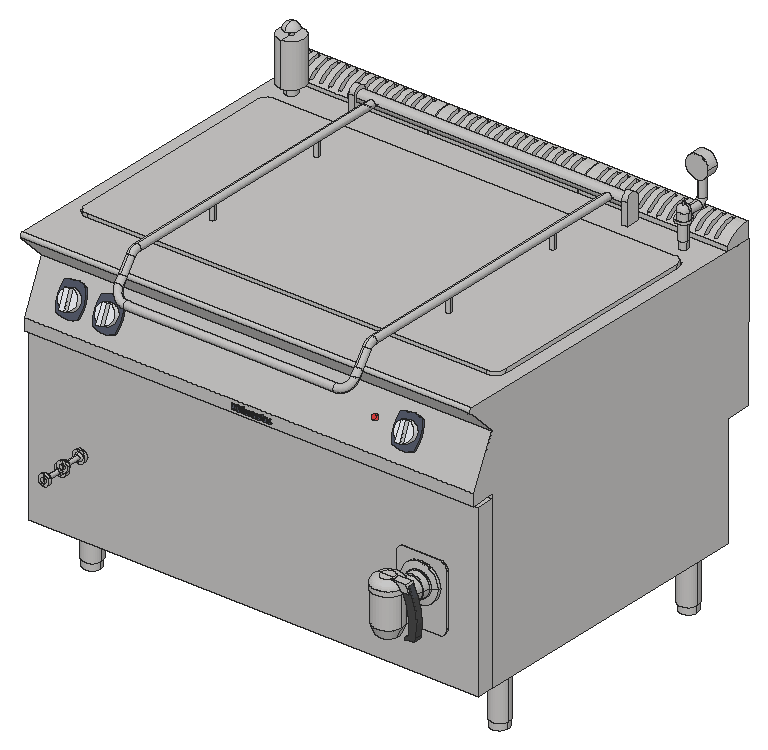
Revit family "QF_ELECTROLUXPROFESSIONAL_391123_E9BSELIUFE", category Specialty Equipment, Revit 2018
Family settings
  Round Connector Dimension = Use Diameter
  Part Type = Normal
  Work Plane-Based = No
  Always vertical = Yes
  Cut with Voids When Loaded = No
  Shared = No
  Room Calculation Point = No
Parameters
  Width = 1200.0 mm  # constant formula
  Weight in Pounds = 200  # constant formula
  Watts = 24000 VA  # 24000 W
  Waste Water Discharge Temperature [instance] = -459.67 °F
  Volts = 400 V  # constant formula
  URL Cutsheet = "www.electrolux.com"
  URL = "www.electrolux.com"
  Type Mark [instance] = ""
  Status [instance] = ""
  Specification by User [instance] = ""
  Specification by Manufacturer = ""
  Show Logo [instance] = yes
  Show Clearance [instance] = yes
  Serial Number = ""
  Seismic Rating = ""
  SMACNA No = ""
  Revision Code [instance] = ""
  Plumbing Remarks [instance] = ""
  Plumbing Connection Type [instance] = ""
  Phase = 3
  Omniclass Number and Title = ""
  Number of Poles [instance] = 1
  NAFEM Spec ID Number = ""
  Model = "391123"
  Min Ckt Ampacity = 0 A
  Max Overcurrent Protection = 0 A
  Masterspec = ""
  Manufacturer = "ELECTROLUX"
  Item Number [instance] = ""
  Installed By [instance] = ""
  Indirect Waste Size = 1"
  Indirect Waste Flow [instance] = 0 GPM
  Indirect Waste Connection Type [instance] = ""
  Indirect Waste Connection Height [instance] = 0.0 mm
  Identify Quantity as Lot [instance] = yes
  Hot Water Temperature [instance] = -459.67 °F
  Hot Water Size = 3/4"
  Hot Water RI Height [instance] = 0.0 mm
  Hot Water Minimum Pressure = 0.00 psi
  Hot Water Maximum Pressure = 0.00 psi
  Hot Water Flow [instance] = 0 GPM
  Hot Water Consumption = 0 GPM
  Hot Water Connection Height = 0.0 mm
  Height = 850.0 mm  # constant formula
  HP = "32.2 HP"
  Furnished By [instance] = ""
  Foodservice Equipment Identifier [instance] = yes
  FL Amps = if(Phase = 3, Watts / (Volts * 1.73), Watts / Volts)  # 34.6821 A
  Electrical Remarks [instance] = "400 V/3N ph/50/60 Hz"  # constant formula
  Electric Connection Type [instance] = ""
  Elec Conn RI Height [instance] = 0.0 mm
  Elec Conn Connection Height [instance] = 0.0 mm
  Direct Waste Size = 1/2"
  Description = "900XP ELECTRIC RECTANGULAR BOILING PAN 250LT - 400 V"
  Depth = 930.0 mm  # constant formula
  Cycle [instance] = if([60 Hertz Option], 60 Hz, 50 Hz)  # 60 Hz
  Conn Plug = ""
  Conn Conduit = yes
  Cold Water Temperature Recommended [instance] = -459.67 °F
  Cold Water Size = 3/4"
  Cold Water RI Height [instance] = 0.0 mm
  Cold Water Minimum Pressure = 0.00 psi
  Cold Water Maximum Pressure = 0.00 psi
  Cold Water Flow [instance] = 0 GPM
  Cold Water Consumption = ""
  Cold Water Connection Height = 0.0 mm
  CSI MasterFormat = ""
  CSI Master Format = ""
  Apparent Power = if(Phase = 3, Volts * FL Amps * 1.73, Volts * FL Amps)  # 24000 VA
  60 Hertz Option [instance] = not([50 Hertz Option])  # yes
  50 Hertz Option [instance] = no
Reference planes
  plane 1 "BACK": y = 0
  plane 2: z = 0
  plane 3 "LEFT": x = 0
  plane 4 "RIGHT": x = 1200
  plane 5 "FRONT": y = -930
  plane 6 "TOP": z = 850
  plane 7 "Center Y": x = 600
  plane 8 "Center X": y = -465
  plane 9: z = 1734.89
  plane 10: z = 150
  plane 11: y = -130
  plane 12: y = -760
  plane 13: y = -1015
  plane 14: x = 56
  plane 15: x = 1144
  plane 16: x = 1060
  plane 17: x = 100
  plane 18: x = 160
  plane 19: x = 140
Forms (mm)
  Extrusion 1, solid, material "QF_Finishes_Stainless Steel"
    sketch origin (0, 0, 576.213) x (0, 1, 0) y (0, 0, 1)
      loop
        line (0, -127.212) -> (0, 273.787) -> (-922.342, 273.787)
        arc (-922.342, 273.787) -> (-929.417, 269.06) -> (-927.757, 260.714) r 7.658
        line (-927.757, 260.714) -> (-857.613, 190.57) -> (-915.31, 65.214) -> (-915.31, 33.916) -> (-855.186, 38.612)
        arc (-855.186, 38.612) -> (-852.661, 37.864) -> (-851.569, 35.468) r 3.175
        line (-851.569, 35.468) -> (-851.569, -426.212) -> (-70, -426.212) -> (-70, -127.212) -> (0, -127.212)
      loop
        line (-900, 25.858) -> (-900, -426.212) -> (-854.744, -426.212) -> (-854.744, 25.858) -> (-900, 25.858)
    from 0 to 1200
  Revolve 2, solid, material "QF_Finishes_Stainless Steel"
    sketch origin (1, -130, 0) x (1, 0, 0) y (0, 0, 1)
      loop
        line (55, 0) -> (55, 150) -> (29.6, 150) -> (29.6, 19.05) -> (32.1, 19.05) -> (32.1, 0) -> (55, 0)
      axis (55, 0) -> (55, 150)
    angle from 0 to 360
  Revolve 3, solid, material "QF_Finishes_Stainless Steel"
    sketch origin (1, -760, 0) x (1, 0, 0) y (0, 0, 1)
      loop
        line (55, 0) -> (55, 150) -> (29.6, 150) -> (29.6, 19.05) -> (32.1, 19.05) -> (32.1, 0) -> (55, 0)
      axis (55, 0) -> (55, 150)
    angle from 0 to 360
  Revolve 4, solid, material "QF_Finishes_Stainless Steel"
    sketch origin (1199, -130, 0) x (-1, 0, 0) y (0, 0, -1)
      loop
        line (55, 0) -> (32.1, 0) -> (32.1, -19.05) -> (29.6, -19.05) -> (29.6, -150) -> (55, -150) -> (55, 0)
      axis (55, 0) -> (55, -150)
    angle from 0 to 360
  Revolve 5, solid, material "QF_Finishes_Stainless Steel"
    sketch origin (1199, -760, 0) x (-1, 0, 0) y (0, 0, -1)
      loop
        line (55, 0) -> (32.1, 0) -> (32.1, -19.05) -> (29.6, -19.05) -> (29.6, -150) -> (55, -150) -> (55, 0)
      axis (55, 0) -> (55, -150)
    angle from 0 to 360
  Extrusion 6, solid, material "QF_Finishes_Stainless Steel"
    sketch origin (0, 0, 560.363) x (0, 1, 0) y (0, 0, 1)
      loop
        line (0, 289.638) -> (0, 331.738)
        arc (0, 331.738) -> (-38.857, 324.552) -> (-69.85, 300.038) r 82.056
        line (-69.85, 300.038) -> (-69.85, 289.638) -> (0, 289.638)
    from 0 to 400
  Extrusion 7, void
    sketch origin (0, 0, 835) x (0, -1, 0) y (1, 0, 0)
      loop
        line (6.761, 29.703) -> (63.911, 29.703) -> (63.911, 38.999) -> (6.761, 38.999) -> (6.761, 29.703)
      loop
        line (63.911, 64.487) -> (6.761, 64.487) -> (6.761, 55.191) -> (63.911, 55.191) -> (63.911, 64.487)
      loop
        line (63.911, 89.975) -> (6.761, 89.975) -> (6.761, 80.68) -> (63.911, 80.68) -> (63.911, 89.975)
      loop
        line (63.911, 115.464) -> (6.761, 115.464) -> (6.761, 106.168) -> (63.911, 106.168) -> (63.911, 115.464)
      loop
        line (63.911, 140.952) -> (6.761, 140.952) -> (6.761, 131.656) -> (63.911, 131.656) -> (63.911, 140.952)
      loop
        line (63.911, 166.44) -> (6.761, 166.44) -> (6.761, 157.145) -> (63.911, 157.145) -> (63.911, 166.44)
      loop
        line (63.911, 191.929) -> (6.761, 191.929) -> (6.761, 182.633) -> (63.911, 182.633) -> (63.911, 191.929)
      loop
        line (63.911, 217.417) -> (6.761, 217.417) -> (6.761, 208.121) -> (63.911, 208.121) -> (63.911, 217.417)
      loop
        line (63.911, 242.905) -> (6.761, 242.905) -> (6.761, 233.61) -> (63.911, 233.61) -> (63.911, 242.905)
      loop
        line (63.911, 268.394) -> (6.761, 268.394) -> (6.761, 259.098) -> (63.911, 259.098) -> (63.911, 268.394)
      loop
        line (63.911, 293.882) -> (6.761, 293.882) -> (6.761, 284.586) -> (63.911, 284.586) -> (63.911, 293.882)
      loop
        line (63.911, 319.37) -> (6.761, 319.37) -> (6.761, 310.075) -> (63.911, 310.075) -> (63.911, 319.37)
      loop
        line (63.911, 344.859) -> (6.761, 344.859) -> (6.761, 335.563) -> (63.911, 335.563) -> (63.911, 344.859)
      loop
        line (63.911, 370.347) -> (6.761, 370.347) -> (6.761, 361.051) -> (63.911, 361.051) -> (63.911, 370.347)
    from 25.4 to 63.5
  Extrusion 8, solid, material "QF_Finishes_Navy Blue"
    sketch origin (-437.256, -913.119, 646.186) x (0, 0.418102, 0.9084) y (-1, 0, 0)
      loop
        arc (102.623, -510.47) -> (67.041, -502.846) -> (31.333, -509.853) r 90.5
        arc (31.333, -509.853) -> (24.507, -539.04) -> (31.333, -568.228) r 65.817
        arc (31.333, -568.228) -> (67.04, -575.188) -> (102.623, -567.615) r 91.066
        arc (102.623, -567.615) -> (109.179, -539.043) -> (102.623, -510.47) r 65.546
      loop
        arc (102.623, -610.47) -> (67.041, -602.846) -> (31.333, -609.853) r 90.5
        arc (31.333, -609.853) -> (24.507, -639.04) -> (31.333, -668.228) r 65.817
        arc (31.333, -668.228) -> (67.04, -675.188) -> (102.623, -667.615) r 91.066
        arc (102.623, -667.615) -> (109.179, -639.043) -> (102.623, -610.47) r 65.546
      loop
        arc (102.623, -1465.829) -> (109.179, -1437.256) -> (102.623, -1408.684) r 65.546
        arc (102.623, -1408.684) -> (67.04, -1401.111) -> (31.333, -1408.071) r 91.066
        arc (31.333, -1408.071) -> (24.507, -1437.259) -> (31.333, -1466.446) r 65.817
        arc (31.333, -1466.446) -> (67.041, -1473.453) -> (102.623, -1465.829) r 90.5
    from 0 to 3.175
  Extrusion 9, solid, material "QF_Finishes_White"
    sketch origin (-58.506, -916.833, 645.711) x (0, 0.418102, 0.9084) y (-1, 0, 0)
      loop
        circle (68.826, -160.963) r 25.4
      loop
        circle (68.826, -260.293) r 25.4
      loop
        circle (68.826, -1058.506) r 25.4
    from 0 to 12.7
  Extrusion 10, solid, material "QF_Finishes_White"
    sketch origin (-58.506, -928.369, 651.021) x (0, 0.418102, 0.9084) y (-1, 0, 0)
      loop
        arc (93.558, -166.749) -> (94.226, -160.963) -> (93.558, -155.177) r 25.4
        line (93.558, -155.177) -> (44.094, -155.177)
        arc (44.094, -155.177) -> (43.426, -160.963) -> (44.094, -166.749) r 25.4
        line (44.094, -166.749) -> (93.558, -166.749)
      loop
        line (93.558, -254.506) -> (44.094, -254.506)
        arc (44.094, -254.506) -> (43.426, -260.293) -> (44.094, -266.079) r 25.4
        line (44.094, -266.079) -> (93.558, -266.079)
        arc (93.558, -266.079) -> (94.226, -260.293) -> (93.558, -254.506) r 25.4
      loop
        line (93.558, -1052.72) -> (44.094, -1052.72)
        arc (44.094, -1052.72) -> (43.426, -1058.506) -> (44.094, -1064.292) r 25.4
        line (44.094, -1064.292) -> (93.558, -1064.292)
        arc (93.558, -1064.292) -> (94.226, -1058.506) -> (93.558, -1052.72) r 25.4
    from 0 to 12.7
  Extrusion 11, solid, material "QF_Finishes_Red"
    sketch origin (596.939, -911.18, 650.399) x (0, 0.418102, 0.9084) y (-1, 0, 0)
      loop
        circle (65.471, -315.169) r 6.35
    from 0 to 6
  Extrusion 12, solid, material "QF_Finishes_Navy Blue", visible <- "Show Logo"
    sketch origin (266.109, -915.31, 610.773) x (0, 0, 1) y (-1, 0, 0)
      loop
        line (20.674, -296.698) -> (8.307, -296.698)
        arc (8.307, -296.698) -> (14.491, -301.27) -> (20.674, -296.698) r 6.467
      loop
        arc (20.674, -296.069) -> (19.505, -290.926) -> (14.849, -288.448) r 6.338
        line (14.849, -288.448) -> (14.849, -290.494)
        arc (14.849, -290.494) -> (16.333, -294.149) -> (19.778, -296.069) r 5.941
        line (19.778, -296.069) -> (20.674, -296.069)
      loop
        arc (9.203, -296.069) -> (12.648, -294.149) -> (14.132, -290.494) r 5.941
        line (14.132, -290.494) -> (14.132, -288.448)
        arc (14.132, -288.448) -> (9.438, -290.922) -> (8.148, -296.069) r 6.504
        line (8.148, -296.069) -> (9.203, -296.069)
      loop
        line (21.349, -287.979) -> (7.604, -287.979) -> (7.604, -301.742) -> (21.349, -301.742) -> (21.349, -287.979)
      loop
        arc (21.432, -304.71) -> (21.085, -304.352) -> (20.718, -304.69) r 0.358
        arc (20.718, -304.69) -> (20.404, -305.44) -> (19.687, -305.825) r 1.216
        line (19.687, -305.825) -> (9.274, -305.825)
        arc (9.274, -305.825) -> (8.614, -305.548) -> (8.218, -304.951) r 1.238
        arc (8.218, -304.951) -> (7.823, -304.7) -> (7.518, -305.054) r 0.358
        line (7.518, -305.054) -> (7.518, -314.933) -> (10.269, -314.933) -> (10.269, -314.036)
        arc (10.269, -314.036) -> (9.36, -313.456) -> (8.904, -312.479) r 1.928
        line (8.904, -312.479) -> (8.904, -309.98)
        arc (8.904, -309.98) -> (9.18, -309.251) -> (9.868, -308.887) r 1.101
        line (9.868, -308.887) -> (13.955, -308.887) -> (13.955, -312.561)
        arc (13.955, -312.561) -> (13.602, -313.058) -> (13.037, -313.286) r 1.083
        arc (13.037, -313.286) -> (12.773, -313.591) -> (13.065, -313.869) r 0.292
        line (13.065, -313.869) -> (16.028, -313.869)
        arc (16.028, -313.869) -> (16.33, -313.596) -> (16.092, -313.266) r 0.305
        arc (16.092, -313.266) -> (15.601, -313.018) -> (15.296, -312.561) r 1.083
        line (15.296, -312.561) -> (15.296, -308.887) -> (19.973, -308.887) -> (19.973, -312.635)
        arc (19.973, -312.635) -> (19.759, -313.39) -> (19.153, -313.888) r 1.314
        arc (19.153, -313.888) -> (18.934, -314.292) -> (19.288, -314.585) r 0.361
        line (19.288, -314.585) -> (21.432, -314.585) -> (21.432, -304.71)
      loop
        arc (20.715, -315.365) -> (20.335, -316.284) -> (19.416, -316.664) r 1.299
        line (19.416, -316.664) -> (9.837, -316.664)
        arc (9.837, -316.664) -> (8.999, -316.286) -> (8.728, -315.408) r 1.118
        line (8.728, -315.408) -> (7.518, -315.408) -> (7.518, -320.758) -> (8.706, -320.758)
        arc (8.706, -320.758) -> (8.978, -319.841) -> (9.848, -319.445) r 1.153
        line (9.848, -319.445) -> (21.92, -319.445) -> (20.715, -315.365)
      loop
        line (12.483, -323.394) -> (12.483, -329.842) -> (13.282, -329.842)
        arc (13.282, -329.842) -> (15.862, -328.857) -> (17.131, -326.404) r 3.874
        line (17.131, -326.404) -> (17.131, -324.643)
        arc (17.131, -324.643) -> (15.944, -321.778) -> (13.08, -320.592) r 4.051
        line (13.08, -320.592) -> (11.072, -320.592)
        arc (11.072, -320.592) -> (8.253, -322.077) -> (7.202, -325.084) r 4.352
        arc (7.202, -325.084) -> (7.566, -327.547) -> (8.943, -329.621) r 5.713
        line (8.943, -329.621) -> (9.892, -329.621)
        arc (9.892, -329.621) -> (9.16, -328.052) -> (8.943, -326.334) r 5.579
        arc (8.943, -326.334) -> (9.737, -324.371) -> (11.616, -323.394) r 3.057
        line (11.616, -323.394) -> (12.483, -323.394)
      loop
        line (13.742, -323.394) -> (13.742, -326.977)
        arc (13.742, -326.977) -> (15.199, -327.024) -> (16.082, -325.864) r 1.59
        line (16.082, -325.864) -> (16.082, -325.034)
        arc (16.082, -325.034) -> (15.217, -323.779) -> (13.742, -323.394) r 2.184
      loop
        arc (16.533, -339.259) -> (17.022, -337.585) -> (17.179, -335.848) r 9.023
        line (17.179, -335.848) -> (17.179, -334.486)
        arc (17.179, -334.486) -> (16.02, -331.686) -> (13.22, -330.527) r 3.959
        line (13.22, -330.527) -> (10.62, -330.527)
        arc (10.62, -330.527) -> (8.338, -331.819) -> (7.221, -334.192) r 4.331
        line (7.221, -334.192) -> (7.221, -336.327)
        arc (7.221, -336.327) -> (7.729, -337.877) -> (8.651, -339.223) r 5.772
        arc (8.651, -339.223) -> (9.412, -339.274) -> (9.499, -338.515) r 0.553
        arc (9.499, -338.515) -> (9.111, -337.781) -> (8.977, -336.962) r 2.573
        line (8.977, -336.962) -> (8.977, -335.447)
        arc (8.977, -335.447) -> (9.983, -333.806) -> (11.798, -333.163) r 2.884
        line (11.798, -333.163) -> (13.077, -333.163)
        arc (13.077, -333.163) -> (14.898, -333.723) -> (15.824, -335.388) r 2.554
        line (15.824, -335.388) -> (15.824, -336.441)
        arc (15.824, -336.441) -> (15.493, -337.369) -> (14.836, -338.104) r 2.564
        arc (14.836, -338.104) -> (14.614, -338.821) -> (15.223, -339.259) r 0.643
        line (15.223, -339.259) -> (16.533, -339.259)
      loop
        line (15.515, -339.53) -> (15.515, -341.031) -> (9.467, -341.031)
        arc (9.467, -341.031) -> (7.879, -341.688) -> (7.221, -343.276) r 2.246
        line (7.221, -343.276) -> (7.221, -344.86)
        arc (7.221, -344.86) -> (7.535, -345.725) -> (8.035, -346.496) r 4.06
        arc (8.035, -346.496) -> (8.768, -346.629) -> (9.019, -345.928) r 0.576
        arc (9.019, -345.928) -> (8.913, -345.403) -> (8.977, -344.87) r 1.69
        arc (8.977, -344.87) -> (9.519, -344.082) -> (10.425, -343.779) r 1.506
        line (10.425, -343.779) -> (15.563, -343.779) -> (15.563, -346.176) -> (16.119, -346.733) -> (16.941, -346.733) -> (16.941, -343.873) -> (20.172, -343.873) -> (15.515, -339.53)
      loop
        line (7.438, -347.63) -> (7.438, -353.017) -> (8.548, -353.017)
        arc (8.548, -353.017) -> (8.942, -352.066) -> (9.893, -351.672) r 1.345
        line (9.893, -351.672) -> (13.509, -351.672)
        arc (13.509, -351.672) -> (14.274, -352.264) -> (14.564, -353.186) r 1.615
        line (14.564, -353.186) -> (14.564, -354.742) -> (17.119, -355.427) -> (17.119, -354.044) -> (15.177, -351.485) -> (17.057, -351.485) -> (16.773, -348.779)
        arc (16.773, -348.779) -> (16.333, -348.249) -> (15.674, -348.45) r 0.621
        arc (15.674, -348.45) -> (15.274, -348.792) -> (14.78, -348.975) r 1.501
        line (14.78, -348.975) -> (9.893, -348.975)
        arc (9.893, -348.975) -> (8.942, -348.581) -> (8.548, -347.63) r 1.345
        line (8.548, -347.63) -> (7.438, -347.63)
      loop
        line (13.54, -354.964) -> (10.848, -354.964)
        arc (10.848, -354.964) -> (8.403, -356.272) -> (7.269, -358.803) r 4.288
        arc (7.269, -358.803) -> (7.205, -360.183) -> (7.269, -361.563) r 15.022
        arc (7.269, -361.563) -> (8.403, -364.094) -> (10.848, -365.401) r 4.288
        line (10.848, -365.401) -> (13.54, -365.401)
        arc (13.54, -365.401) -> (15.986, -364.094) -> (17.119, -361.563) r 4.288
        arc (17.119, -361.563) -> (17.183, -360.183) -> (17.119, -358.803) r 15.022
        arc (17.119, -358.803) -> (15.986, -356.272) -> (13.54, -354.964) r 4.288
      loop
        line (13.745, -358.078) -> (10.643, -358.078)
        arc (10.643, -358.078) -> (8.486, -360.235) -> (10.643, -362.392) r 2.157
        line (10.643, -362.392) -> (13.745, -362.392)
        arc (13.745, -362.392) -> (15.902, -360.235) -> (13.745, -358.078) r 2.157
      loop
        arc (20.726, -365.26) -> (20.355, -366.154) -> (19.461, -366.524) r 1.264
        line (19.461, -366.524) -> (9.597, -366.524)
        arc (9.597, -366.524) -> (8.727, -366.127) -> (8.455, -365.211) r 1.153
        line (8.455, -365.211) -> (7.518, -365.211) -> (7.518, -370.319) -> (8.446, -370.319)
        arc (8.446, -370.319) -> (8.805, -369.547) -> (9.597, -369.232) r 1.153
        line (9.597, -369.232) -> (21.92, -369.232) -> (20.726, -365.26)
      loop
        arc (15.846, -369.857) -> (15.647, -370.921) -> (14.678, -371.403) r 1.215
        line (14.678, -371.403) -> (9.658, -371.403)
        arc (9.658, -371.403) -> (8.043, -372.051) -> (7.322, -373.634) r 2.338
        line (7.322, -373.634) -> (7.322, -375.148)
        arc (7.322, -375.148) -> (7.497, -376.152) -> (7.999, -377.038) r 2.979
        line (7.999, -377.038) -> (7.518, -378.835) -> (7.518, -380.524) -> (16.943, -380.524) -> (16.649, -376.32) -> (15.863, -376.32)
        arc (15.863, -376.32) -> (15.507, -377.156) -> (14.755, -377.665) r 1.605
        line (14.755, -377.665) -> (9.652, -377.665)
        arc (9.652, -377.665) -> (9.232, -376.728) -> (9.159, -375.704) r 2.94
        arc (9.159, -375.704) -> (9.72, -374.603) -> (10.873, -374.16) r 1.724
        line (10.873, -374.16) -> (17.07, -374.16) -> (15.846, -369.857)
      loop
        line (16.874, -381.377) -> (15.202, -383.423) -> (12.028, -385.729) -> (8.572, -382.617)
        arc (8.572, -382.617) -> (8.335, -382.223) -> (8.357, -381.764) r 0.789
        line (8.357, -381.764) -> (7.518, -381.764) -> (7.518, -385.309) -> (8.344, -385.309)
        arc (8.344, -385.309) -> (8.686, -384.947) -> (9.176, -385.039) r 0.52
        line (9.176, -385.039) -> (10.976, -386.51) -> (8.858, -387.886)
        arc (8.858, -387.886) -> (8.457, -387.576) -> (8.37, -387.076) r 0.7
        line (8.37, -387.076) -> (7.518, -387.076) -> (7.518, -393.003) -> (8.405, -393.003)
        arc (8.405, -393.003) -> (8.472, -392.344) -> (8.866, -391.813) r 1.247
        line (8.866, -391.813) -> (13.066, -388.532) -> (15.513, -390.585) -> (16.874, -392.327) -> (16.874, -388.604) -> (15.389, -389.026) -> (13.868, -387.749) -> (15.568, -386.559) -> (16.874, -387.336) -> (16.874, -381.377)
    from 0 to 1.644
  Extrusion 13, solid, material "QF_Finishes_Stainless Steel"
    sketch origin (650, -900, 592.071) x (0, 0, 1) y (-1, 0, 0)
      loop
        arc (-150.774, -353.125) -> (-156.632, -338.983) -> (-170.774, -333.125) r 20
        line (-170.774, -333.125) -> (-310.774, -333.125)
        arc (-310.774, -333.125) -> (-324.916, -338.983) -> (-330.774, -353.125) r 20
        line (-330.774, -353.125) -> (-330.774, -446.875)
        arc (-330.774, -446.875) -> (-324.916, -461.017) -> (-310.774, -466.875) r 20
        line (-310.774, -466.875) -> (-170.774, -466.875)
        arc (-170.774, -466.875) -> (-156.632, -461.017) -> (-150.774, -446.875) r 20
        line (-150.774, -446.875) -> (-150.774, -353.125)
    from 0 to 3.2
  Revolve 14, solid, material "QF_Finishes_Stainless Steel"
    sketch origin (700, -127.411, 373.218) x (1, 0, 0) y (0, 1, 0)
      loop
        line (350, -775.828) -> (350, -864.845) -> (377.31, -864.845) -> (377.31, -807.326) -> (381.52, -807.326) -> (381.52, -788.802) -> (383.56, -788.802) -> (383.56, -785.903) -> (400.479, -782.307) -> (400.479, -775.828) -> (350, -775.828)
      axis (350, -864.845) -> (350, -775.828)
    angle from 0 to 360
  Revolve 15, solid, material "QF_Finishes_Stainless Steel"
    sketch origin (700, -1015, -175.451) x (1, 0, 0) y (0, 0, 1)
      loop
        line (387.487, 584.414) -> (391.109, 584.414) -> (391.109, 596.458)
        arc (391.109, 596.458) -> (383.595, 608.72) -> (370.039, 613.521) r 21.541
        line (370.039, 613.521) -> (350, 613.521) -> (350, 475.451) -> (376.476, 475.451) -> (387.487, 500.451) -> (387.487, 584.414)
      axis (350, 475.451) -> (350, 613.521)
    angle from 0 to 360
  Extrusion 16, solid, material "QF_Finishes_Black"
    sketch origin (650, -930, 35) x (1, 0, 0) y (0, 0, 1)
      loop
        arc (462.072, 282.761) -> (458.739, 279.204) -> (454.343, 277.096) r 13.226
        arc (454.343, 277.096) -> (451.562, 273.099) -> (455.036, 269.686) r 3.774
        line (455.036, 269.686) -> (472.172, 272.033)
        arc (472.172, 272.033) -> (478.889, 276.04) -> (480.667, 283.655) r 10
        arc (480.667, 283.655) -> (479.826, 343.081) -> (460.542, 399.297) r 188.693
        line (460.542, 399.297) -> (438.183, 399.297)
        arc (438.183, 399.297) -> (458.444, 342.734) -> (462.072, 282.761) r 212.616
    from 77.064 to 92.936
  Extrusion 17, solid, material "QF_Finishes_Stainless Steel"
    sketch origin (650, -930, 35) x (1, 0, 0) y (0, 0, 1)
      loop
        line (436.837, 382.461) -> (463.876, 382.461)
        arc (463.876, 382.461) -> (461.091, 393.228) -> (456.741, 403.464) r 74.823
        line (456.741, 403.464) -> (415.663, 403.464)
        arc (415.663, 403.464) -> (428.508, 395.239) -> (436.837, 382.461) r 36.276
    from 74.362 to 95.975
  Revolve 18, solid, material "QF_Finishes_Stainless Steel"
    sketch origin (138.599, 0, -92.295) x (0, 1, 0) y (0, 0, 1)
      loop
        line (-900, 446.296) -> (-965.345, 446.296) -> (-965.345, 440.585) -> (-962.863, 440.585) -> (-962.863, 431.892) -> (-957.863, 431.892) -> (-957.863, 435.145) -> (-952.863, 435.145) -> (-952.863, 440.585) -> (-912.544, 440.585)
        arc (-912.544, 440.585) -> (-910.281, 437.945) -> (-907.228, 436.28) r 9.637
        line (-907.228, 436.28) -> (-907.228, 429.925) -> (-900, 429.925) -> (-900, 446.296)
      axis (-965.345, 446.296) -> (-900, 446.296)
    angle from 0 to 360
  Revolve 19, solid, material "QF_Finishes_Stainless Steel"
    sketch origin (89.102, 0, -141.793) x (0, 1, 0) y (0, 0, 1)
      loop
        line (-900, 446.296) -> (-965.345, 446.296) -> (-965.345, 440.585) -> (-962.863, 440.585) -> (-962.863, 431.892) -> (-957.863, 431.892) -> (-957.863, 435.145) -> (-952.863, 435.145) -> (-952.863, 440.585) -> (-912.544, 440.585)
        arc (-912.544, 440.585) -> (-910.281, 437.945) -> (-907.228, 436.28) r 9.637
        line (-907.228, 436.28) -> (-907.228, 429.925) -> (-900, 429.925) -> (-900, 446.296)
      axis (-965.345, 446.296) -> (-900, 446.296)
    angle from 0 to 360
  Extrusion 20, solid, material "QF_Finishes_Stainless Steel"
    sketch origin (400, 0, 560.363) x (0, 1, 0) y (0, 0, 1)
      loop
        line (0, 289.638) -> (0, 331.738)
        arc (0, 331.738) -> (-38.857, 324.552) -> (-69.85, 300.038) r 82.056
        line (-69.85, 300.038) -> (-69.85, 289.638) -> (0, 289.638)
    from 0 to 400
  Extrusion 21, void
    sketch origin (400, 0, 835) x (0, -1, 0) y (1, 0, 0)
      loop
        line (6.761, 29.703) -> (63.911, 29.703) -> (63.911, 38.999) -> (6.761, 38.999) -> (6.761, 29.703)
      loop
        line (63.911, 64.487) -> (6.761, 64.487) -> (6.761, 55.191) -> (63.911, 55.191) -> (63.911, 64.487)
      loop
        line (63.911, 89.975) -> (6.761, 89.975) -> (6.761, 80.68) -> (63.911, 80.68) -> (63.911, 89.975)
      loop
        line (63.911, 115.464) -> (6.761, 115.464) -> (6.761, 106.168) -> (63.911, 106.168) -> (63.911, 115.464)
      loop
        line (63.911, 140.952) -> (6.761, 140.952) -> (6.761, 131.656) -> (63.911, 131.656) -> (63.911, 140.952)
      loop
        line (63.911, 166.44) -> (6.761, 166.44) -> (6.761, 157.145) -> (63.911, 157.145) -> (63.911, 166.44)
      loop
        line (63.911, 191.929) -> (6.761, 191.929) -> (6.761, 182.633) -> (63.911, 182.633) -> (63.911, 191.929)
      loop
        line (63.911, 217.417) -> (6.761, 217.417) -> (6.761, 208.121) -> (63.911, 208.121) -> (63.911, 217.417)
      loop
        line (63.911, 242.905) -> (6.761, 242.905) -> (6.761, 233.61) -> (63.911, 233.61) -> (63.911, 242.905)
      loop
        line (63.911, 268.394) -> (6.761, 268.394) -> (6.761, 259.098) -> (63.911, 259.098) -> (63.911, 268.394)
      loop
        line (63.911, 293.882) -> (6.761, 293.882) -> (6.761, 284.586) -> (63.911, 284.586) -> (63.911, 293.882)
      loop
        line (63.911, 319.37) -> (6.761, 319.37) -> (6.761, 310.075) -> (63.911, 310.075) -> (63.911, 319.37)
      loop
        line (63.911, 344.859) -> (6.761, 344.859) -> (6.761, 335.563) -> (63.911, 335.563) -> (63.911, 344.859)
      loop
        line (63.911, 370.347) -> (6.761, 370.347) -> (6.761, 361.051) -> (63.911, 361.051) -> (63.911, 370.347)
    from 25.4 to 63.5
  Extrusion 22, solid, material "QF_Finishes_Stainless Steel"
    sketch origin (800, 0, 560.363) x (0, 1, 0) y (0, 0, 1)
      loop
        line (0, 289.638) -> (0, 331.738)
        arc (0, 331.738) -> (-38.857, 324.552) -> (-69.85, 300.038) r 82.056
        line (-69.85, 300.038) -> (-69.85, 289.638) -> (0, 289.638)
    from 0 to 400
  Extrusion 23, void
    sketch origin (800, 0, 835) x (0, -1, 0) y (1, 0, 0)
      loop
        line (6.761, 29.703) -> (63.911, 29.703) -> (63.911, 38.999) -> (6.761, 38.999) -> (6.761, 29.703)
      loop
        line (63.911, 64.487) -> (6.761, 64.487) -> (6.761, 55.191) -> (63.911, 55.191) -> (63.911, 64.487)
      loop
        line (63.911, 89.975) -> (6.761, 89.975) -> (6.761, 80.68) -> (63.911, 80.68) -> (63.911, 89.975)
      loop
        line (63.911, 115.464) -> (6.761, 115.464) -> (6.761, 106.168) -> (63.911, 106.168) -> (63.911, 115.464)
      loop
        line (63.911, 140.952) -> (6.761, 140.952) -> (6.761, 131.656) -> (63.911, 131.656) -> (63.911, 140.952)
      loop
        line (63.911, 166.44) -> (6.761, 166.44) -> (6.761, 157.145) -> (63.911, 157.145) -> (63.911, 166.44)
      loop
        line (63.911, 191.929) -> (6.761, 191.929) -> (6.761, 182.633) -> (63.911, 182.633) -> (63.911, 191.929)
      loop
        line (63.911, 217.417) -> (6.761, 217.417) -> (6.761, 208.121) -> (63.911, 208.121) -> (63.911, 217.417)
      loop
        line (63.911, 242.905) -> (6.761, 242.905) -> (6.761, 233.61) -> (63.911, 233.61) -> (63.911, 242.905)
      loop
        line (63.911, 268.394) -> (6.761, 268.394) -> (6.761, 259.098) -> (63.911, 259.098) -> (63.911, 268.394)
      loop
        line (63.911, 293.882) -> (6.761, 293.882) -> (6.761, 284.586) -> (63.911, 284.586) -> (63.911, 293.882)
      loop
        line (63.911, 319.37) -> (6.761, 319.37) -> (6.761, 310.075) -> (63.911, 310.075) -> (63.911, 319.37)
      loop
        line (63.911, 344.859) -> (6.761, 344.859) -> (6.761, 335.563) -> (63.911, 335.563) -> (63.911, 344.859)
      loop
        line (63.911, 370.347) -> (6.761, 370.347) -> (6.761, 361.051) -> (63.911, 361.051) -> (63.911, 370.347)
    from 25.4 to 63.5
  Extrusion 24, solid, material "QF_Finishes_Stainless Steel"
    sketch origin (771.071, 3.488, 39.209) x (0, 1, 0) y (0, 0, -1)
      loop
        line (-86.2, -810.791) -> (-120.988, -810.791) -> (-120.988, -867.861)
        arc (-120.988, -867.861) -> (-103.594, -885.255) -> (-86.2, -867.861) r 17.394
        line (-86.2, -867.861) -> (-86.2, -810.791)
    from 527.978 to 542.561
  Extrusion 25, solid, material "QF_Finishes_Stainless Steel"
    sketch origin (428.929, 3.488, 39.209) x (0, 1, 0) y (0, 0, 1)
      loop
        line (-86.2, 810.791) -> (-86.2, 867.861)
        arc (-86.2, 867.861) -> (-103.594, 885.255) -> (-120.988, 867.861) r 17.394
        line (-120.988, 867.861) -> (-120.988, 810.791) -> (-86.2, 810.791)
    from 527.978 to 542.561
  Extrusion 26, void
    sketch origin (0, 0, 0) x (1, 0, 0) y (0, 1, 0)
      loop
        line (46.71, -190.49) -> (46.71, -760.931)
        arc (46.71, -760.931) -> (52.568, -775.073) -> (66.71, -780.931) r 20
        line (66.71, -780.931) -> (1133.29, -780.931)
        arc (1133.29, -780.931) -> (1147.432, -775.073) -> (1153.29, -760.931) r 20
        line (1153.29, -760.931) -> (1153.29, -190.49)
        arc (1153.29, -190.49) -> (1147.432, -176.348) -> (1133.29, -170.49) r 20
        line (1133.29, -170.49) -> (66.71, -170.49)
        arc (66.71, -170.49) -> (52.568, -176.348) -> (46.71, -190.49) r 20
    from 449 to 830.033
  Extrusion 27, void
    sketch origin (0, 0, 0) x (1, 0, 0) y (0, 1, 0)
      loop
        arc (66.71, -158.49) -> (44.082, -167.862) -> (34.71, -190.49) r 32
        line (34.71, -190.49) -> (34.71, -760.931)
        arc (34.71, -760.931) -> (44.082, -783.558) -> (66.71, -792.931) r 32
        line (66.71, -792.931) -> (1133.29, -792.931)
        arc (1133.29, -792.931) -> (1155.918, -783.558) -> (1165.29, -760.931) r 32
        line (1165.29, -760.931) -> (1165.29, -190.49)
        arc (1165.29, -190.49) -> (1155.918, -167.862) -> (1133.29, -158.49) r 32
        line (1133.29, -158.49) -> (66.71, -158.49)
    from 830.033 to 850
  Extrusion 28, solid, material "QF_Finishes_Stainless Steel"
    sketch origin (0, 0, 830.033) x (1, 0, 0) y (0, 1, 0)
      loop
        arc (66.71, -162.49) -> (46.911, -170.691) -> (38.71, -190.49) r 28
        line (38.71, -190.49) -> (38.71, -760.931)
        arc (38.71, -760.931) -> (46.911, -780.73) -> (66.71, -788.931) r 28
        line (66.71, -788.931) -> (1133.29, -788.931)
        arc (1133.29, -788.931) -> (1153.089, -780.73) -> (1161.29, -760.931) r 28
        line (1161.29, -760.931) -> (1161.29, -190.49)
        arc (1161.29, -190.49) -> (1153.089, -170.691) -> (1133.29, -162.49) r 28
        line (1133.29, -162.49) -> (66.71, -162.49)
    from 0 to 27.767
  Extrusion 29, solid, material "QF_Finishes_Stainless Steel"
    sketch origin (45, 3.488, -26.168) x (0, 1, 0) y (0, 0, 1)
      loop
        circle (-103.594, 927.13) r 15
    from 198.093 to 911.907
  Sweep 30, solid, material "QF_Finishes_Stainless Steel"
    path origin (0, 0, 0) x (0, 1, 0) y (0, 0, 1)
      loop
        line (-100.106, 900.961) -> (-897.203, 900.961)
        arc (-897.203, 900.961) -> (-908.553, 898.236) -> (-917.428, 890.656) r 25
        line (-917.428, 890.656) -> (-943.879, 854.25)
    profile origin (0, -498.654, 900.961) x (0, 0, -1) y (1, 0, 0)
      loop
        circle (0, 284.79) r 9.5
      loop
        circle (0, 915.21) r 9.5
  Sweep 31, solid, material "QF_Finishes_Stainless Steel"
    path origin (0, -1452.357, 154.39) x (1, 0, 0) y (0, 0.587785, 0.809017)
      loop
        line (284.79, 865.075) -> (284.79, 845.075)
        arc (284.79, 845.075) -> (295.041, 820.326) -> (319.79, 810.075) r 35
        line (319.79, 810.075) -> (880.21, 810.075)
        arc (880.21, 810.075) -> (904.959, 820.326) -> (915.21, 845.075) r 35
        line (915.21, 845.075) -> (915.21, 865.075)
    profile origin (600, -976.207, 809.754) x (0, 0.587785, 0.809017) y (0, -0.809017, 0.587785)
      loop
        circle (0, 0) r 9.5
  Extrusion 32, solid, material "QF_Finishes_Stainless Steel"
    sketch origin (0, 0, 857.8) x (1, 0, 0) y (0, 1, 0)
      loop
        circle (284.79, -643.128) r 6
      loop
        circle (915.21, -643.128) r 6
      loop
        circle (284.79, -296.872) r 6
      loop
        circle (915.21, -296.872) r 6
    from 0 to 43.897
  Extrusion 33, solid, material "QF_Clearances", visible <- "Show Clearance", detail levels coarse
    sketch origin (0, -143.767, 786.306) x (1, 0, 0) y (0, 0.249903, -0.968271)
      loop
        arc (66.71, -162.49) -> (46.911, -170.691) -> (38.71, -190.49) r 28
        line (38.71, -190.49) -> (38.71, -760.931)
        arc (38.71, -760.931) -> (46.911, -780.73) -> (66.71, -788.931) r 28
        line (66.71, -788.931) -> (1133.29, -788.931)
        arc (1133.29, -788.931) -> (1153.089, -780.73) -> (1161.29, -760.931) r 28
        line (1161.29, -760.931) -> (1161.29, -190.49)
        arc (1161.29, -190.49) -> (1153.089, -170.691) -> (1133.29, -162.49) r 28
        line (1133.29, -162.49) -> (66.71, -162.49)
    from 0 to 27.767
  Sweep 34, solid, material "QF_Clearances", visible <- "Show Clearance", detail levels coarse
    path origin (0, -947.464, 578.878) x (0, 0.249903, -0.968271) y (0, 0.968271, 0.249903)
      loop
        line (-100.968, 901.184) -> (-898.065, 901.184)
        arc (-898.065, 901.184) -> (-909.414, 898.459) -> (-918.29, 890.878) r 25
        line (-918.29, 890.878) -> (-944.74, 854.472)
    profile origin (0, -199.705, 1287.754) x (0, -0.968271, -0.249903) y (1, 0, 0)
      loop
        circle (0, 284.79) r 9.5
      loop
        circle (0, 915.21) r 9.5
  Sweep 35, solid, material "QF_Clearances", visible <- "Show Clearance", detail levels coarse
    path origin (0, -1160.921, 2023.736) x (1, 0, 0) y (0, 0.930237, -0.36696)
      loop
        line (284.79, 865.075) -> (284.79, 845.075)
        arc (284.79, 845.075) -> (295.041, 820.326) -> (319.79, 810.075) r 35
        line (319.79, 810.075) -> (880.21, 810.075)
        arc (880.21, 810.075) -> (904.959, 820.326) -> (915.21, 845.075) r 35
        line (915.21, 845.075) -> (915.21, 865.075)
    profile origin (600, -407.359, 1726.471) x (0, 0.930237, -0.36696) y (0, 0.36696, 0.930237)
      loop
        circle (0, 0) r 9.5
  Extrusion 36, solid, material "QF_Clearances", visible <- "Show Clearance", detail levels coarse
    sketch origin (0, -116.881, 793.245) x (1, 0, 0) y (0, 0.249903, -0.968271)
      loop
        circle (284.79, -643.128) r 6
      loop
        circle (915.21, -643.128) r 6
      loop
        circle (284.79, -296.872) r 6
      loop
        circle (915.21, -296.872) r 6
    from 0 to 43.897
  Revolve 37, solid, material "QF_Finishes_Stainless Steel"
    sketch origin (67.5, 0, 0) x (0, 1, 0) y (0, 0, 1)
      loop
        line (-110, 850) -> (-110, 1020)
        arc (-110, 1020) -> (-122.5, 1015.833) -> (-130, 1005) r 20.833
        line (-130, 1005) -> (-115, 1005) -> (-115, 990) -> (-145, 990) -> (-145, 875) -> (-125, 875) -> (-125, 850) -> (-110, 850)
      axis (-110, 850) -> (-110, 1020)
    angle from 0 to 360
  Revolve 38, solid, material "QF_Finishes_Stainless Steel"
    sketch origin (-5, -115, 0) x (1, 0, 0) y (0, 0, 1)
      loop
        line (1124, 850) -> (1134, 850) -> (1134, 871.175) -> (1135.563, 871.175) -> (1135.563, 916.175) -> (1144, 916.175) -> (1144, 921.175) -> (1139, 921.175) -> (1139, 939.925)
        arc (1139, 939.925) -> (1135.372, 949.706) -> (1126.244, 954.756) r 15
        line (1126.244, 954.756) -> (1126.244, 960) -> (1124, 960) -> (1124, 850)
      axis (1124, 850) -> (1124, 960)
    angle from 0 to 360
  Sweep 39, solid, material "QF_Finishes_Stainless Steel"
    path origin (1119, 0, 0) x (0, 1, 0) y (0, 0, 1)
      loop
        line (-115.106, 932.5) -> (-67.659, 932.5)
        arc (-67.659, 932.5) -> (-57.052, 936.893) -> (-52.659, 947.5) r 15
        line (-52.659, 947.5) -> (-52.659, 997.5)
    profile origin (1119, -91.383, 932.5) x (0, 0, 1) y (1, 0, 0)
      loop
        circle (0, 0) r 10
  Extrusion 40, solid, material "QF_Finishes_Stainless Steel"
    sketch origin (0, 0, 0) x (1, 0, 0) y (0, 0, 1)
      loop
        circle (1119, 1024.375) r 30
    from 40.421 to 69.85
  Extrusion 41, solid, material "QF_Finishes_Stainless Steel"
    sketch origin (0, -652.222, 150) x (1, 0, 0) y (0, -1, 0)
      loop
        circle (1060, 152.078) r 6.35
    from 0 to 13
  Extrusion 42, solid, material "QF_Finishes_Stainless Steel"
    sketch origin (0, -652.222, 150) x (1, 0, 0) y (0, -1, 0)
      loop
        circle (100, 52.078) r 9.525
      loop
        circle (160, 152.078) r 9.525
      loop
        circle (140, 82.078) r 12.7
    from 0 to 13
  Extrusion 43, solid, material "QF_Clearances", visible <- "Show Clearance", detail levels coarse
    sketch origin (0, 0, 0) x (1, 0, 0) y (0, 1, 0)
      loop
        line (0, -930) -> (0, 0) -> (1200, 0) -> (1200, -930) -> (1301.6, -930) -> (1301.6, 101.6) -> (-101.6, 101.6) -> (-101.6, -930) -> (0, -930)
    from 0 to 892.1
Cuts and joins
  Extrusion 7, Extrusion 21 cuts Extrusion 6
  Extrusion 21, Extrusion 23 cuts Extrusion 20
  Extrusion 23 cuts Extrusion 22
  Extrusion 26, Extrusion 27 cuts Extrusion 1
  joined: Sweep 30, Sweep 31
Lines and regions (mm)
  Split face 1
    outline origin (-437.256, -916.003, 647.513) x (0, 0.418102, 0.9084) y (-1, 0, 0)
      loop
        arc (80.19, -512.856) -> (91.229, -518.794) -> (100.317, -527.428) r 47.208
        arc (100.317, -527.428) -> (101.289, -527.595) -> (101.577, -526.651) r 0.746
        arc (101.577, -526.651) -> (92.891, -514.788) -> (80.19, -507.381) r 36.041
        line (80.19, -507.381) -> (80.19, -512.856)
  Split face 2
    outline origin (-337.927, -916.003, 647.513) x (0, 0.418102, 0.9084) y (-1, 0, 0)
      loop
        arc (80.19, -512.856) -> (91.229, -518.794) -> (100.317, -527.428) r 47.208
        arc (100.317, -527.428) -> (101.289, -527.595) -> (101.577, -526.651) r 0.746
        arc (101.577, -526.651) -> (92.891, -514.788) -> (80.19, -507.381) r 36.041
        line (80.19, -507.381) -> (80.19, -512.856)
  Split face 3
    outline origin (0, -69.85, 0) x (1, 0, 0) y (0, 0, 1)
      loop
        circle (1119, 1024.375) r 27.37
  symbolic lines, style "QF_Clearances", visible <- "Show Clearance", detail levels coarse
    curve 1: line (1301.6, -930, 0) -> (1301.6, 101.6, 0)
    curve 2: line (1301.6, 101.6, 0) -> (-101.6, 101.6, 0)
    curve 3: line (-101.6, 101.6, 0) -> (-101.6, -930, 0)
  symbolic lines
    curve 4: line (38.71, -190.49, 0) -> (38.71, -760.931, 0)
    curve 5: arc (38.71, -760.931, 0) -> (46.911, -780.73, 0) -> (66.71, -788.931, 0) r 28
    curve 6: line (66.71, -788.931, 0) -> (275.29, -788.931, 0)
    curve 7: arc (1133.29, -788.931, 0) -> (1153.089, -780.73, 0) -> (1161.29, -760.931, 0) r 28
    curve 8: line (1161.29, -760.931, 0) -> (1161.29, -190.49, 0)
    curve 9: arc (1161.29, -190.49, 0) -> (1153.089, -170.691, 0) -> (1133.29, -162.49, 0) r 28
    curve 10: line (1133.29, -162.49, 0) -> (924.71, -162.49, 0)
    curve 11: arc (66.71, -162.49, 0) -> (46.911, -170.691, 0) -> (38.71, -190.49, 0) r 28
    curve 12: line (34.71, -760.931, 0) -> (34.71, -190.49, 0)
    curve 13: arc (34.71, -190.49, 0) -> (44.082, -167.862, 0) -> (66.71, -158.49, 0) r 32
    curve 14: line (66.71, -158.49, 0) -> (275.29, -158.49, 0)
    curve 15: arc (1133.29, -158.49, 0) -> (1155.918, -167.862, 0) -> (1165.29, -190.49, 0) r 32
    curve 16: line (1165.29, -190.49, 0) -> (1165.29, -760.931, 0)
    curve 17: arc (1165.29, -760.931, 0) -> (1155.918, -783.558, 0) -> (1133.29, -792.931, 0) r 32
    curve 18: line (1133.29, -792.931, 0) -> (924.71, -792.931, 0)
    curve 19: arc (66.71, -792.931, 0) -> (44.082, -783.558, 0) -> (34.71, -760.931, 0) r 32
    curve 20: line (228.51, -82.712, 0) -> (243.093, -82.712, 0)
    curve 21: line (228.51, -117.5, 0) -> (228.51, -82.712, 0)
    curve 22: line (243.093, -117.5, 0) -> (228.51, -117.5, 0)
    curve 23: line (243.093, -82.712, 0) -> (243.093, -117.5, 0)
    curve 24: line (243.093, -115.106, 0) -> (956.907, -115.106, 0)
    curve 25: line (243.093, -85.106, 0) -> (956.907, -85.106, 0)
    curve 26: line (971.49, -82.712, 0) -> (956.907, -82.712, 0)
    curve 27: line (971.49, -117.5, 0) -> (971.49, -82.712, 0)
    curve 28: line (956.907, -117.5, 0) -> (971.49, -117.5, 0)
    curve 29: line (956.907, -82.712, 0) -> (956.907, -117.5, 0)
    curve 30: line (275.29, -115.106, 0) -> (275.29, -957.147, 0)
    curve 31: line (294.29, -115.106, 0) -> (294.29, -955.106, 0)
    curve 32: line (924.71, -115.106, 0) -> (924.71, -957.147, 0)
    curve 33: line (905.71, -115.106, 0) -> (905.71, -955.106, 0)
    curve 34: line (320.248, -966.622, 0) -> (879.752, -966.622, 0)
    curve 35: line (320.248, -985.684, 0) -> (879.752, -985.684, 0)
    curve 36: arc (294.29, -955.106, 0) -> (306.049, -963.614, 0) -> (320.248, -966.622, 0) r 35.016
    curve 37: arc (275.29, -957.147, 0) -> (279.778, -969.197, 0) -> (289.269, -977.873, 0) r 27.4
    curve 38: arc (289.269, -977.873, 0) -> (304.255, -983.777, 0) -> (320.248, -985.684, 0) r 62.925
    curve 39: arc (905.71, -955.106, 0) -> (893.951, -963.614, 0) -> (879.752, -966.622, 0) r 35.016
    curve 40: arc (924.71, -957.147, 0) -> (920.222, -969.197, 0) -> (910.731, -977.873, 0) r 27.4
    curve 41: arc (910.731, -977.873, 0) -> (895.745, -983.777, 0) -> (879.752, -985.684, 0) r 62.925
    curve 42: line (1200, -930, 0) -> (924.71, -930, 0)
    curve 43: line (1200, 0, 0) -> (1200, -930, 0)
    curve 44: line (0, 0, 0) -> (1200, 0, 0)
    curve 45: line (0, -930, 0) -> (0, 0, 0)
    curve 46: line (0, -69.85, 0) -> (1200, -69.85, 0)
    curve 47: arc (67.5, -75, 0) -> (102.5, -110, 0) -> (67.5, -145, 0) r 35
    curve 48: arc (67.5, -145, 0) -> (32.5, -110, 0) -> (67.5, -75, 0) r 35
    curve 49: arc (67.5, -130, 0) -> (87.5, -110, 0) -> (67.5, -90, 0) r 20
    curve 50: arc (67.5, -90, 0) -> (47.5, -110, 0) -> (67.5, -130, 0) r 20
    curve 51: line (29.703, -6.761, 0) -> (38.999, -6.761, 0)
    curve 52: line (29.703, -63.911, 0) -> (29.703, -6.761, 0)
    curve 53: line (38.999, -63.911, 0) -> (29.703, -63.911, 0)
    curve 54: line (38.999, -6.761, 0) -> (38.999, -63.911, 0)
    curve 55: line (64.487, -63.911, 0) -> (55.191, -63.911, 0)
    curve 56: line (64.487, -6.761, 0) -> (64.487, -63.911, 0)
    curve 57: line (55.191, -6.761, 0) -> (64.487, -6.761, 0)
    curve 58: line (55.191, -63.911, 0) -> (55.191, -6.761, 0)
    curve 59: line (89.975, -63.911, 0) -> (80.68, -63.911, 0)
    curve 60: line (89.975, -6.761, 0) -> (89.975, -63.911, 0)
    curve 61: line (80.68, -6.761, 0) -> (89.975, -6.761, 0)
    curve 62: line (80.68, -63.911, 0) -> (80.68, -6.761, 0)
    curve 63: line (115.464, -63.911, 0) -> (106.168, -63.911, 0)
    curve 64: line (115.464, -6.761, 0) -> (115.464, -63.911, 0)
    curve 65: line (106.168, -6.761, 0) -> (115.464, -6.761, 0)
    curve 66: line (106.168, -63.911, 0) -> (106.168, -6.761, 0)
    curve 67: line (140.952, -63.911, 0) -> (131.656, -63.911, 0)
    curve 68: line (140.952, -6.761, 0) -> (140.952, -63.911, 0)
    curve 69: line (131.656, -6.761, 0) -> (140.952, -6.761, 0)
    curve 70: line (131.656, -63.911, 0) -> (131.656, -6.761, 0)
    curve 71: line (191.929, -63.911, 0) -> (182.633, -63.911, 0)
    curve 72: line (191.929, -6.761, 0) -> (191.929, -63.911, 0)
    curve 73: line (182.633, -6.761, 0) -> (191.929, -6.761, 0)
    curve 74: line (182.633, -63.911, 0) -> (182.633, -6.761, 0)
    curve 75: line (217.417, -63.911, 0) -> (208.121, -63.911, 0)
    curve 76: line (217.417, -6.761, 0) -> (217.417, -63.911, 0)
    curve 77: line (208.121, -6.761, 0) -> (217.417, -6.761, 0)
    curve 78: line (208.121, -63.911, 0) -> (208.121, -6.761, 0)
    curve 79: line (268.394, -63.911, 0) -> (259.098, -63.911, 0)
    curve 80: line (268.394, -6.761, 0) -> (268.394, -63.911, 0)
    curve 81: line (259.098, -6.761, 0) -> (268.394, -6.761, 0)
    curve 82: line (259.098, -63.911, 0) -> (259.098, -6.761, 0)
    curve 83: line (293.882, -63.911, 0) -> (284.586, -63.911, 0)
    curve 84: line (293.882, -6.761, 0) -> (293.882, -63.911, 0)
    curve 85: line (284.586, -6.761, 0) -> (293.882, -6.761, 0)
    curve 86: line (284.586, -63.911, 0) -> (284.586, -6.761, 0)
    curve 87: line (319.37, -63.911, 0) -> (310.075, -63.911, 0)
    curve 88: line (319.37, -6.761, 0) -> (319.37, -63.911, 0)
    curve 89: line (310.075, -6.761, 0) -> (319.37, -6.761, 0)
    curve 90: line (310.075, -63.911, 0) -> (310.075, -6.761, 0)
    curve 91: line (344.859, -63.911, 0) -> (335.563, -63.911, 0)
    curve 92: line (344.859, -6.761, 0) -> (344.859, -63.911, 0)
    curve 93: line (335.563, -6.761, 0) -> (344.859, -6.761, 0)
    curve 94: line (335.563, -63.911, 0) -> (335.563, -6.761, 0)
    curve 95: line (370.347, -63.911, 0) -> (361.051, -63.911, 0)
    curve 96: line (370.347, -6.761, 0) -> (370.347, -63.911, 0)
    curve 97: line (361.051, -6.761, 0) -> (370.347, -6.761, 0)
    curve 98: line (361.051, -63.911, 0) -> (361.051, -6.761, 0)
    curve 99: line (242.905, -63.911, 0) -> (233.61, -63.911, 0)
    curve 100: line (242.905, -6.761, 0) -> (242.905, -63.911, 0)
    curve 101: line (233.61, -6.761, 0) -> (242.905, -6.761, 0)
    curve 102: line (233.61, -63.911, 0) -> (233.61, -6.761, 0)
    curve 103: line (166.44, -63.911, 0) -> (157.145, -63.911, 0)
    curve 104: line (166.44, -6.761, 0) -> (166.44, -63.911, 0)
    curve 105: line (157.145, -6.761, 0) -> (166.44, -6.761, 0)
    curve 106: line (157.145, -63.911, 0) -> (157.145, -6.761, 0)
    curve 107: line (429.703, -6.761, 0) -> (438.999, -6.761, 0)
    curve 108: line (429.703, -63.911, 0) -> (429.703, -6.761, 0)
    curve 109: line (438.999, -63.911, 0) -> (429.703, -63.911, 0)
    curve 110: line (438.999, -6.761, 0) -> (438.999, -63.911, 0)
    curve 111: line (464.487, -63.911, 0) -> (455.191, -63.911, 0)
    curve 112: line (464.487, -6.761, 0) -> (464.487, -63.911, 0)
    curve 113: line (455.191, -6.761, 0) -> (464.487, -6.761, 0)
    curve 114: line (455.191, -63.911, 0) -> (455.191, -6.761, 0)
    curve 115: line (489.975, -63.911, 0) -> (480.68, -63.911, 0)
    curve 116: line (489.975, -6.761, 0) -> (489.975, -63.911, 0)
    curve 117: line (480.68, -6.761, 0) -> (489.975, -6.761, 0)
    curve 118: line (480.68, -63.911, 0) -> (480.68, -6.761, 0)
    curve 119: line (515.464, -63.911, 0) -> (506.168, -63.911, 0)
    curve 120: line (515.464, -6.761, 0) -> (515.464, -63.911, 0)
    curve 121: line (506.168, -6.761, 0) -> (515.464, -6.761, 0)
    curve 122: line (506.168, -63.911, 0) -> (506.168, -6.761, 0)
    curve 123: line (540.952, -63.911, 0) -> (531.656, -63.911, 0)
    curve 124: line (540.952, -6.761, 0) -> (540.952, -63.911, 0)
    curve 125: line (531.656, -6.761, 0) -> (540.952, -6.761, 0)
    curve 126: line (531.656, -63.911, 0) -> (531.656, -6.761, 0)
    curve 127: line (591.929, -63.911, 0) -> (582.633, -63.911, 0)
    curve 128: line (591.929, -6.761, 0) -> (591.929, -63.911, 0)
    curve 129: line (582.633, -6.761, 0) -> (591.929, -6.761, 0)
    curve 130: line (582.633, -63.911, 0) -> (582.633, -6.761, 0)
    curve 131: line (617.417, -63.911, 0) -> (608.121, -63.911, 0)
    curve 132: line (617.417, -6.761, 0) -> (617.417, -63.911, 0)
    curve 133: line (608.121, -6.761, 0) -> (617.417, -6.761, 0)
    curve 134: line (608.121, -63.911, 0) -> (608.121, -6.761, 0)
    curve 135: line (668.394, -63.911, 0) -> (659.098, -63.911, 0)
    curve 136: line (668.394, -6.761, 0) -> (668.394, -63.911, 0)
    curve 137: line (659.098, -6.761, 0) -> (668.394, -6.761, 0)
    curve 138: line (659.098, -63.911, 0) -> (659.098, -6.761, 0)
    curve 139: line (693.882, -63.911, 0) -> (684.586, -63.911, 0)
    curve 140: line (693.882, -6.761, 0) -> (693.882, -63.911, 0)
    curve 141: line (684.586, -6.761, 0) -> (693.882, -6.761, 0)
    curve 142: line (684.586, -63.911, 0) -> (684.586, -6.761, 0)
    curve 143: line (719.37, -63.911, 0) -> (710.075, -63.911, 0)
    curve 144: line (719.37, -6.761, 0) -> (719.37, -63.911, 0)
    curve 145: line (710.075, -6.761, 0) -> (719.37, -6.761, 0)
    curve 146: line (710.075, -63.911, 0) -> (710.075, -6.761, 0)
    curve 147: line (744.859, -63.911, 0) -> (735.563, -63.911, 0)
    curve 148: line (744.859, -6.761, 0) -> (744.859, -63.911, 0)
    curve 149: line (735.563, -6.761, 0) -> (744.859, -6.761, 0)
    curve 150: line (735.563, -63.911, 0) -> (735.563, -6.761, 0)
    curve 151: line (770.347, -63.911, 0) -> (761.051, -63.911, 0)
    curve 152: line (770.347, -6.761, 0) -> (770.347, -63.911, 0)
    curve 153: line (761.051, -6.761, 0) -> (770.347, -6.761, 0)
    curve 154: line (761.051, -63.911, 0) -> (761.051, -6.761, 0)
    curve 155: line (642.905, -63.911, 0) -> (633.61, -63.911, 0)
    curve 156: line (642.905, -6.761, 0) -> (642.905, -63.911, 0)
    curve 157: line (633.61, -6.761, 0) -> (642.905, -6.761, 0)
    curve 158: line (633.61, -63.911, 0) -> (633.61, -6.761, 0)
    curve 159: line (566.44, -63.911, 0) -> (557.145, -63.911, 0)
    curve 160: line (566.44, -6.761, 0) -> (566.44, -63.911, 0)
    curve 161: line (557.145, -6.761, 0) -> (566.44, -6.761, 0)
    curve 162: line (557.145, -63.911, 0) -> (557.145, -6.761, 0)
    curve 163: line (829.703, -6.761, 0) -> (838.999, -6.761, 0)
    curve 164: line (829.703, -63.911, 0) -> (829.703, -6.761, 0)
    curve 165: line (838.999, -63.911, 0) -> (829.703, -63.911, 0)
    curve 166: line (838.999, -6.761, 0) -> (838.999, -63.911, 0)
    curve 167: line (864.487, -63.911, 0) -> (855.191, -63.911, 0)
    curve 168: line (864.487, -6.761, 0) -> (864.487, -63.911, 0)
    curve 169: line (855.191, -6.761, 0) -> (864.487, -6.761, 0)
    curve 170: line (855.191, -63.911, 0) -> (855.191, -6.761, 0)
    curve 171: line (889.975, -63.911, 0) -> (880.68, -63.911, 0)
    curve 172: line (889.975, -6.761, 0) -> (889.975, -63.911, 0)
    curve 173: line (880.68, -6.761, 0) -> (889.975, -6.761, 0)
    curve 174: line (880.68, -63.911, 0) -> (880.68, -6.761, 0)
    curve 175: line (915.464, -63.911, 0) -> (906.168, -63.911, 0)
    curve 176: line (915.464, -6.761, 0) -> (915.464, -63.911, 0)
    curve 177: line (906.168, -6.761, 0) -> (915.464, -6.761, 0)
    curve 178: line (906.168, -63.911, 0) -> (906.168, -6.761, 0)
    curve 179: line (940.952, -63.911, 0) -> (931.656, -63.911, 0)
    curve 180: line (940.952, -6.761, 0) -> (940.952, -63.911, 0)
    curve 181: line (931.656, -6.761, 0) -> (940.952, -6.761, 0)
    curve 182: line (931.656, -63.911, 0) -> (931.656, -6.761, 0)
    curve 183: line (991.929, -63.911, 0) -> (982.633, -63.911, 0)
    curve 184: line (991.929, -6.761, 0) -> (991.929, -63.911, 0)
    curve 185: line (982.633, -6.761, 0) -> (991.929, -6.761, 0)
    curve 186: line (982.633, -63.911, 0) -> (982.633, -6.761, 0)
    curve 187: line (1017.417, -63.911, 0) -> (1008.121, -63.911, 0)
    curve 188: line (1017.417, -6.761, 0) -> (1017.417, -63.911, 0)
    curve 189: line (1008.121, -6.761, 0) -> (1017.417, -6.761, 0)
    curve 190: line (1008.121, -63.911, 0) -> (1008.121, -6.761, 0)
    curve 191: line (1068.394, -63.911, 0) -> (1059.098, -63.911, 0)
    curve 192: line (1068.394, -6.761, 0) -> (1068.394, -63.911, 0)
    curve 193: line (1059.098, -6.761, 0) -> (1068.394, -6.761, 0)
    curve 194: line (1059.098, -63.911, 0) -> (1059.098, -6.761, 0)
    curve 195: line (1089, -63.911, 0) -> (1084.586, -63.911, 0)
    curve 196: line (1093.882, -6.761, 0) -> (1093.882, -40.421, 0)
    curve 197: line (1084.586, -6.761, 0) -> (1093.882, -6.761, 0)
    curve 198: line (1084.586, -63.911, 0) -> (1084.586, -6.761, 0)
    curve 199: line (1119.37, -6.761, 0) -> (1119.37, -40.421, 0)
    curve 200: line (1110.075, -6.761, 0) -> (1119.37, -6.761, 0)
    curve 201: line (1110.075, -40.421, 0) -> (1110.075, -6.761, 0)
    curve 202: line (1144.859, -6.761, 0) -> (1144.859, -40.421, 0)
    curve 203: line (1135.563, -6.761, 0) -> (1144.859, -6.761, 0)
    curve 204: line (1135.563, -40.421, 0) -> (1135.563, -6.761, 0)
    curve 205: line (1170.347, -63.911, 0) -> (1161.051, -63.911, 0)
    curve 206: line (1170.347, -6.761, 0) -> (1170.347, -63.911, 0)
    curve 207: line (1161.051, -6.761, 0) -> (1170.347, -6.761, 0)
    curve 208: line (1161.051, -63.911, 0) -> (1161.051, -6.761, 0)
    curve 209: line (1042.905, -63.911, 0) -> (1033.61, -63.911, 0)
    curve 210: line (1042.905, -6.761, 0) -> (1042.905, -63.911, 0)
    curve 211: line (1033.61, -6.761, 0) -> (1042.905, -6.761, 0)
    curve 212: line (1033.61, -63.911, 0) -> (1033.61, -6.761, 0)
    curve 213: line (966.44, -63.911, 0) -> (957.145, -63.911, 0)
    curve 214: line (966.44, -6.761, 0) -> (966.44, -63.911, 0)
    curve 215: line (957.145, -6.761, 0) -> (966.44, -6.761, 0)
    curve 216: line (957.145, -63.911, 0) -> (957.145, -6.761, 0)
    curve 217: line (924.71, -788.931, 0) -> (1133.29, -788.931, 0)
    curve 218: line (905.71, -792.931, 0) -> (294.29, -792.931, 0)
    curve 219: line (275.29, -792.931, 0) -> (66.71, -792.931, 0)
    curve 220: line (294.29, -788.931, 0) -> (905.71, -788.931, 0)
    curve 221: line (275.29, -930, 0) -> (0, -930, 0)
    curve 222: line (905.71, -930, 0) -> (294.29, -930, 0)
    curve 223: line (124.195, -957.863, 0) -> (153.003, -957.863, 0)
    curve 224: line (124.195, -962.863, 0) -> (124.195, -957.863, 0)
    curve 225: line (153.003, -962.863, 0) -> (124.195, -962.863, 0)
    curve 226: line (153.003, -957.863, 0) -> (153.003, -962.863, 0)
    curve 227: line (127.448, -952.863, 0) -> (149.751, -952.863, 0)
    curve 228: line (132.888, -930, 0) -> (132.888, -952.863, 0)
    curve 229: line (144.311, -930, 0) -> (144.311, -952.863, 0)
    curve 230: line (127.448, -952.863, 0) -> (127.448, -957.863, 0)
    curve 231: line (132.888, -965.345, 0) -> (132.888, -962.863, 0)
    curve 232: line (144.311, -965.345, 0) -> (144.311, -962.863, 0)
    curve 233: line (132.888, -965.345, 0) -> (144.311, -965.345, 0)
    curve 234: line (149.751, -952.863, 0) -> (149.751, -957.863, 0)
    curve 235: line (74.698, -957.863, 0) -> (103.506, -957.863, 0)
    curve 236: line (74.698, -962.863, 0) -> (74.698, -957.863, 0)
    curve 237: line (103.506, -962.863, 0) -> (74.698, -962.863, 0)
    curve 238: line (103.506, -957.863, 0) -> (103.506, -962.863, 0)
    curve 239: line (77.95, -952.863, 0) -> (100.253, -952.863, 0)
    curve 240: line (83.39, -930, 0) -> (83.39, -952.863, 0)
    curve 241: line (94.813, -930, 0) -> (94.813, -952.863, 0)
    curve 242: line (77.95, -952.863, 0) -> (77.95, -957.863, 0)
    curve 243: line (83.39, -965.345, 0) -> (83.39, -962.863, 0)
    curve 244: line (94.813, -965.345, 0) -> (94.813, -962.863, 0)
    curve 245: line (83.39, -965.345, 0) -> (94.813, -965.345, 0)
    curve 246: line (100.253, -952.863, 0) -> (100.253, -957.863, 0)
    curve 247: line (1077.31, -934.737, 0) -> (1077.31, -984.273, 0)
    curve 248: line (1022.69, -934.737, 0) -> (1022.69, -984.273, 0)
    curve 249: arc (1089.709, -1004.362, 0) -> (1044.635, -974.242, 0) -> (1008.891, -1015, 0) r 41.109
    curve 250: arc (1008.891, -1015, 0) -> (1044.462, -1055.735, 0) -> (1089.617, -1025.975, 0) r 41.109
    curve 251: line (1065.663, -1004.362, 0) -> (1113.876, -1004.362, 0)
    curve 252: line (1065.663, -1025.975, 0) -> (1065.663, -1004.362, 0)
    curve 253: line (1113.876, -1025.975, 0) -> (1065.663, -1025.975, 0)
    curve 254: line (1113.876, -1004.362, 0) -> (1113.876, -1007.064, 0)
    curve 255: line (1106.741, -1004.362, 0) -> (1106.741, -1025.975, 0)
    curve 256: line (1110.542, -1022.936, 0) -> (1132.62, -1022.936, 0)
    curve 257: line (1110.542, -1007.064, 0) -> (1132.62, -1007.064, 0)
    curve 258: line (1132.62, -1022.936, 0) -> (1132.62, -1007.064, 0)
    curve 259: line (1110.542, -1007.064, 0) -> (1110.542, -1022.936, 0)
    curve 260: line (1113.876, -1022.936, 0) -> (1113.876, -1025.975, 0)
    curve 261: line (1018.48, -934.737, 0) -> (1081.52, -934.737, 0)
    curve 262: line (1081.52, -934.737, 0) -> (1081.52, -930, 0)
    curve 263: line (1018.48, -934.737, 0) -> (1018.48, -930, 0)
